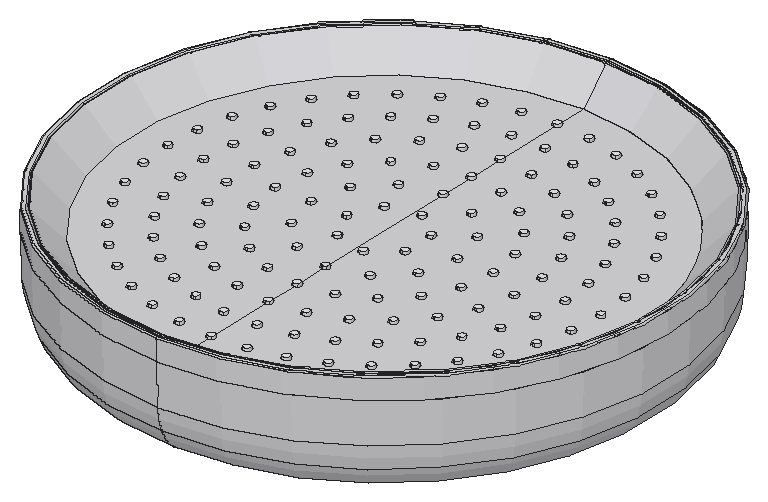
Revit family "Shower-Rainhead-KOHLER-K-26291IN", category Plumbing Fixtures, host Face, Revit 2017
Family settings
  Host = Face
  Round Connector Dimension = Use Diameter
  Part Type = Normal
  OmniClass Number = 23.31.17.00
  Cut with Voids When Loaded = No
  Shared = No
  Room Calculation Point = No
Parameters (values of type "CP-Polished Chrome")
  Width = 11 119/128"  # constant formula
  WaterSense Certified = 1 = 0  # no
  Waste Water Outlet = "Waste Water Outlet"  # constant formula
  Waste Connection = 1 = 0  # no
  Vent Connection = 1 = 0  # no
  URL = "https://www.kohler.co.in/"
  Type = 1
  Product Page URL = ""
  Product Name = ""
  Product Documentation Link = ""
  Pressure = 0.00 psi
  Model = if(Type = 1, "K-26291IN-CP", if(Type = 2, "K-26291IN-AF", if(Type = 3, "K-26291IN-BL", if(Type = 4, "K-26291IN-BN", if(Type = 5, "K-26291IN-BV", if(Type = 6, "K-26291IN-RGD", "NA"))))))  # "K-26291IN-CP"
  Material = "Brass Construction"  # constant formula
  Master Format 2014 Name = "Residential Showers"  # constant formula
  Master Format 2014 = "22 42 23"  # constant formula
  Manufacturer Address = "Ambience Office Tower NH-8 Gurgaon / Gurugram Haryana , 122001"  # constant formula
  Manufacturer = "KOHLER Co."  # constant formula
  Length = 11 119/128"  # constant formula
  Hot Water Inlet = "Tempered Water Inlet"  # constant formula
  Height = 3 31/32"  # constant formula
  HW Connection = 1 = 1  # yes
  Flow Rate = 2.5 GPM  # constant formula
  Finish = Kohler-Metal-CP-Polished_Chrome
  Environmental Product Declaration = ""
  Drain Included = 1 = 0  # no
  Description = "10 in Round Katalyst Rainhead 2.5 GPM"  # constant formula
  Default Elevation = 0"
  Declare Label = ""
  Date Modified = "02/01/2021"  # constant formula
  Date Created = "02/01/2021"  # constant formula
  Copyright = "Copyright KOHLER Co."  # constant formula
  Contact Us = "https://www.kohler.co.in/contact-us"
  Cold Water Inlet = "Cold Water Inlet"  # constant formula
  CW Connection = 1 = 0  # no
  Assembly Code = "D2010700"
  ADA Compliant = 1 = 0  # no
Reference planes (in)
  plane 1 "Center (Front/Back)": y = 0
  plane 2: z = 0
  plane 3 "Center (Left/Right)": x = 0
  plane 4: y = 5.965
  plane 5: y = -5.96469
  plane 6: x = -5.965
  plane 7: x = 5.96469
  plane 8: z = 3.96875
  plane 9: z = 1.19
Dimensions and locks (in)
  "Width": plane 4 to plane 5
  "Length": plane 6 to plane 7
  "Height": plane 8 to level
  aligned and locked: plane 2 to host face
  aligned and locked: level to host face
Automatic sketch dimensions
  host sketch curve to host sketch curve = 96"  (x2)
Nested families (in)
  nested 1: "K-26291IN" at (0, 0, 0), type "K-26291IN"
Connectors (in)
  piping at (0, 0, 0), diameter 0.5, driven by "HW Connection", driven by "Hot Water Inlet", driven by "Flow Rate"
    settings: on nested 1, index 1, connector inside diameter 24", connector length 0", flow factor 0, pipe flow 2.5 GPM, pressure drop 0.00 psi, fitting loss kfactor 0, connector angle 0.00°, fixture units 0, engagement length 0", angle of deflection 0.00°, flow configuration 1, flow direction 1, fitting loss method 0, system type 19, joint type 0, gender type 0, connector reference index -1, connector utility 1, adjustable connector no, is connector primary yes, connector description "Tempered Water Inlet"
Definition of nested family "K-26291IN"
  Parameters (values of type "K-26291IN")
    Material = none
  Reference planes (in)
    plane 1 "Center (Front/Back)": y = 0
    plane 2: z = 0
    plane 3 "Center (Left/Right)": x = 0
    plane 4: x = 5.965
    plane 5: x = -5.965
    plane 6: z = 3.97
    plane 7: z = 1.19
    plane 8: y = 5.965
    plane 9: y = -5.965
  Forms (in)
    Revolve 1, solid, material <- "Material", detail levels medium+fine
      sketch origin (0, 0, 0) x (0, 1, 0) y (0, 0, 1)
        loop
          line (5.9431, 3.97) -> (5.8678, 3.97)
          arc (5.8678, 3.97) -> (5.85263, 3.96375) -> (5.84626, 3.94862) r 0.02155
          line (5.84626, 3.94862) -> (5.84467, 3.74213)
          arc (5.84467, 3.74213) -> (5.8371, 3.7815) -> (5.83456, 3.82151) r 0.31694
          line (5.83456, 3.82151) -> (5.83456, 3.95421)
          arc (5.83456, 3.95421) -> (5.82592, 3.96709) -> (5.81073, 3.96396) r 0.01391
          line (5.81073, 3.96396) -> (5.21238, 3.35453) -> (0, 3.35453) -> (0, 0) -> (0.47469, 0)
          arc (0.47469, 0) -> (0.48914, 0.00599) -> (0.49513, 0.02045) r 0.02045
          line (0.49513, 0.02045) -> (0.49513, 0.75101)
          arc (0.49513, 0.75101) -> (0.45634, 0.879) -> (0.35301, 0.96391) r 0.23052
          arc (0.35301, 0.96391) -> (0.31081, 1.0177) -> (0.33479, 1.08171) r 0.06978
          arc (0.33479, 1.08171) -> (0.44098, 1.20145) -> (0.50852, 1.34654) r 0.55414
          line (0.50852, 1.34654) -> (1.59013, 1.34654)
          arc (1.59013, 1.34654) -> (3.10602, 1.37419) -> (4.61989, 1.4571) r 41.56538
          arc (4.61989, 1.4571) -> (4.98556, 1.51447) -> (5.33679, 1.63124) r 2.24137
          arc (5.33679, 1.63124) -> (5.64045, 1.84229) -> (5.83558, 2.1564) r 0.91369
          arc (5.83558, 2.1564) -> (5.9051, 2.39883) -> (5.93866, 2.64879) r 1.73194
          arc (5.93866, 2.64879) -> (5.95841, 3.08298) -> (5.965, 3.51757) r 14.34154
          line (5.965, 3.51757) -> (5.965, 3.9481)
          arc (5.965, 3.9481) -> (5.95859, 3.96359) -> (5.9431, 3.97) r 0.0219
        axis (0, 3.97) -> (0, 0)
      angle from 0 to 360
    Extrusion 2, solid, material <- "Material", detail levels medium+fine
      sketch origin (0, 0, 0) x (1, 0, 0) y (0, 1, 0)
        loop
          circle (0, 0) r 0.5
        loop
          line (-0.35408, -0.85482) -> (0.35408, -0.85482) -> (0.85482, -0.35408) -> (0.85482, 0.35408) -> (0.35408, 0.85482) -> (-0.35408, 0.85482) -> (-0.85482, 0.35408) -> (-0.85482, -0.35408) -> (-0.35408, -0.85482)
      from 1.19 to 1.34654
    Sweep 3, solid, material <- "Material", detail levels medium+fine
      path origin (0, 0, 0) x (1, 0, 0) y (0, 1, 0)
        loop
          arc (0.8528, -0.37751) -> (0.8655, -0.3585) -> (0.86996, -0.33608) r 0.05859
          line (0.86996, -0.33608) -> (0.86996, 0.33608)
          arc (0.86996, 0.33608) -> (0.8655, 0.3585) -> (0.8528, 0.37751) r 0.05859
          line (0.8528, 0.37751) -> (0.37779, 0.85252)
          arc (0.37779, 0.85252) -> (0.35847, 0.86543) -> (0.33568, 0.86996) r 0.05955
          line (0.33568, 0.86996) -> (-0.33608, 0.86996)
          arc (-0.33608, 0.86996) -> (-0.3585, 0.8655) -> (-0.37751, 0.8528) r 0.05859
          line (-0.37751, 0.8528) -> (-0.8528, 0.37751)
          arc (-0.8528, 0.37751) -> (-0.8655, 0.3585) -> (-0.86996, 0.33608) r 0.05859
          line (-0.86996, 0.33608) -> (-0.86996, -0.33608)
          arc (-0.86996, -0.33608) -> (-0.8655, -0.3585) -> (-0.8528, -0.37751) r 0.05859
          line (-0.8528, -0.37751) -> (-0.37751, -0.8528)
          arc (-0.37751, -0.8528) -> (-0.3585, -0.8655) -> (-0.33608, -0.86996) r 0.05859
          line (-0.33608, -0.86996) -> (0.33608, -0.86996)
          arc (0.33608, -0.86996) -> (0.3585, -0.8655) -> (0.37751, -0.8528) r 0.05859
          line (0.37751, -0.8528) -> (0.8528, -0.37751)
      profile origin (0.61515, -0.61515, 0) x (0.707107, -0.707107, 0) y (0, 0, 1)
        loop
          line (-0.03076, 1.34654) -> (-0.03076, 1.19) -> (0.00031, 1.19)
          arc (0.00031, 1.19) -> (0.02793, 1.20144) -> (0.03937, 1.22906) r 0.03906
          line (0.03937, 1.22906) -> (0.03937, 1.3076)
          arc (0.03937, 1.3076) -> (0.02797, 1.33513) -> (0.00043, 1.34654) r 0.03894
          line (0.00043, 1.34654) -> (-0.03076, 1.34654)
    Extrusion 4, void
      sketch origin (0, 0, 0) x (1, 0, 0) y (0, 1, 0)
        loop
          circle (-0.49043, -0.61422) r 0.08875
        loop
          circle (-0.786, 0.00048) r 0.08875
        loop
          circle (-0.48969, 0.61481) r 0.08875
        loop
          circle (0.17537, 0.76618) r 0.08875
        loop
          circle (0.70837, 0.3406) r 0.08875
        loop
          circle (0.70795, -0.34146) r 0.08875
        loop
          circle (0.17443, -0.7664) r 0.08875
        loop
          circle (-1.536, 0.00048) r 0.08875
        loop
          circle (0.00048, 1.536) r 0.08875
        loop
          circle (-1.32997, 0.76841) r 0.08875
        loop
          circle (-0.76758, 1.33045) r 0.08875
        loop
          circle (-2.286, 0.00048) r 0.08875
        loop
          circle (-2.17396, 0.70687) r 0.08875
        loop
          circle (-1.84914, 1.34405) r 0.08875
        loop
          circle (-1.34329, 1.84969) r 0.08875
        loop
          circle (-0.70596, 2.17426) r 0.08875
        loop
          circle (0.00046, 2.286) r 0.08875
        loop
          circle (1.536, 0.00048) r 0.08875
        loop
          circle (1.32997, 0.76841) r 0.08875
        loop
          circle (0.76758, 1.33045) r 0.08875
        loop
          circle (2.286, 0.00048) r 0.08875
        loop
          circle (2.17396, 0.70687) r 0.08875
        loop
          circle (1.84914, 1.34405) r 0.08875
        loop
          circle (1.34329, 1.84969) r 0.08875
        loop
          circle (0.70596, 2.17426) r 0.08875
        loop
          circle (0.00048, -1.536) r 0.08875
        loop
          circle (-1.32997, -0.76841) r 0.08875
        loop
          circle (-0.76758, -1.33045) r 0.08875
        loop
          circle (-2.17396, -0.70687) r 0.08875
        loop
          circle (-1.84914, -1.34405) r 0.08875
        loop
          circle (-1.34329, -1.84969) r 0.08875
        loop
          circle (-0.70596, -2.17426) r 0.08875
        loop
          circle (0.00046, -2.286) r 0.08875
        loop
          circle (1.32997, -0.76841) r 0.08875
        loop
          circle (0.76758, -1.33045) r 0.08875
        loop
          circle (2.17396, -0.70687) r 0.08875
        loop
          circle (1.84914, -1.34405) r 0.08875
        loop
          circle (1.34329, -1.84969) r 0.08875
        loop
          circle (0.70596, -2.17426) r 0.08875
        loop
          circle (0.00044, 3.036) r 0.08875
        loop
          circle (-0.72613, 2.94788) r 0.08875
        loop
          circle (-1.41051, 2.68844) r 0.08875
        loop
          circle (-2.01258, 2.27306) r 0.08875
        loop
          circle (-2.49808, 1.72537) r 0.08875
        loop
          circle (-2.83824, 1.07781) r 0.08875
        loop
          circle (-3.0137, 0.36726) r 0.08875
        loop
          circle (-0.72613, -2.94788) r 0.08875
        loop
          circle (-1.41051, -2.68844) r 0.08875
        loop
          circle (-2.01258, -2.27306) r 0.08875
        loop
          circle (-2.49808, -1.72537) r 0.08875
        loop
          circle (-2.83824, -1.07781) r 0.08875
        loop
          circle (-3.0137, -0.36726) r 0.08875
        loop
          circle (0.00044, -3.036) r 0.08875
        loop
          circle (0.72613, 2.94788) r 0.08875
        loop
          circle (1.41051, 2.68844) r 0.08875
        loop
          circle (2.01258, 2.27306) r 0.08875
        loop
          circle (2.49808, 1.72537) r 0.08875
        loop
          circle (2.83824, 1.07781) r 0.08875
        loop
          circle (3.0137, 0.36726) r 0.08875
        loop
          circle (0.72613, -2.94788) r 0.08875
        loop
          circle (1.41051, -2.68844) r 0.08875
        loop
          circle (2.01258, -2.27306) r 0.08875
        loop
          circle (2.49808, -1.72537) r 0.08875
        loop
          circle (2.83824, -1.07781) r 0.08875
        loop
          circle (3.0137, -0.36726) r 0.08875
        loop
          circle (-3.786, 0.00048) r 0.08875
        loop
          circle (-4.536, 0.00048) r 0.08875
        loop
          circle (-3.72144, 0.69615) r 0.08875
        loop
          circle (-3.53016, 1.36811) r 0.08875
        loop
          circle (-3.21867, 1.99348) r 0.08875
        loop
          circle (-2.79724, 2.55132) r 0.08875
        loop
          circle (-2.28081, 3.02187) r 0.08875
        loop
          circle (-1.68671, 3.38951) r 0.08875
        loop
          circle (-1.03517, 3.64173) r 0.08875
        loop
          circle (-0.34838, 3.76993) r 0.08875
        loop
          circle (-3.72144, -0.69615) r 0.08875
        loop
          circle (-3.53016, -1.36811) r 0.08875
        loop
          circle (-3.21867, -1.99348) r 0.08875
        loop
          circle (-2.79724, -2.55132) r 0.08875
        loop
          circle (-2.28081, -3.02187) r 0.08875
        loop
          circle (-1.68671, -3.38951) r 0.08875
        loop
          circle (-1.03517, -3.64173) r 0.08875
        loop
          circle (-0.34838, -3.76993) r 0.08875
        loop
          circle (3.786, 0.00048) r 0.08875
        loop
          circle (3.72144, 0.69615) r 0.08875
        loop
          circle (3.53016, 1.36811) r 0.08875
        loop
          circle (3.21867, 1.99348) r 0.08875
        loop
          circle (2.79724, 2.55132) r 0.08875
        loop
          circle (2.28081, 3.02187) r 0.08875
        loop
          circle (1.68671, 3.38951) r 0.08875
        loop
          circle (1.03517, 3.64173) r 0.08875
        loop
          circle (0.34838, 3.76993) r 0.08875
        loop
          circle (3.72144, -0.69615) r 0.08875
        loop
          circle (3.53016, -1.36811) r 0.08875
        loop
          circle (3.21867, -1.99348) r 0.08875
        loop
          circle (2.79724, -2.55132) r 0.08875
        loop
          circle (2.28081, -3.02187) r 0.08875
        loop
          circle (1.68671, -3.38951) r 0.08875
        loop
          circle (1.03517, -3.64173) r 0.08875
        loop
          circle (0.34838, -3.76993) r 0.08875
        loop
          circle (-4.48008, 0.71006) r 0.08875
        loop
          circle (-4.31384, 1.40215) r 0.08875
        loop
          circle (-4.04138, 2.05973) r 0.08875
        loop
          circle (-3.66942, 2.66658) r 0.08875
        loop
          circle (-3.2071, 3.20777) r 0.08875
        loop
          circle (-2.6658, 3.66998) r 0.08875
        loop
          circle (-2.05887, 4.04182) r 0.08875
        loop
          circle (-1.40124, 4.31414) r 0.08875
        loop
          circle (-0.70911, 4.48022) r 0.08875
        loop
          circle (0.00048, 4.536) r 0.08875
        loop
          circle (4.536, 0.00048) r 0.08875
        loop
          circle (4.48008, 0.71006) r 0.08875
        loop
          circle (4.31384, 1.40215) r 0.08875
        loop
          circle (4.04138, 2.05973) r 0.08875
        loop
          circle (3.66942, 2.66658) r 0.08875
        loop
          circle (3.2071, 3.20777) r 0.08875
        loop
          circle (2.6658, 3.66998) r 0.08875
        loop
          circle (2.05887, 4.04182) r 0.08875
        loop
          circle (1.40124, 4.31414) r 0.08875
        loop
          circle (0.70911, 4.48022) r 0.08875
        loop
          circle (-4.48008, -0.71006) r 0.08875
        loop
          circle (-4.31384, -1.40215) r 0.08875
        loop
          circle (-4.04138, -2.05973) r 0.08875
        loop
          circle (-3.66942, -2.66658) r 0.08875
        loop
          circle (-3.2071, -3.20777) r 0.08875
        loop
          circle (-2.6658, -3.66998) r 0.08875
        loop
          circle (-2.05887, -4.04182) r 0.08875
        loop
          circle (-1.40124, -4.31414) r 0.08875
        loop
          circle (-0.70911, -4.48022) r 0.08875
        loop
          circle (0.00048, -4.536) r 0.08875
        loop
          circle (4.48008, -0.71006) r 0.08875
        loop
          circle (4.31384, -1.40215) r 0.08875
        loop
          circle (4.04138, -2.05973) r 0.08875
        loop
          circle (3.66942, -2.66658) r 0.08875
        loop
          circle (3.2071, -3.20777) r 0.08875
        loop
          circle (2.6658, -3.66998) r 0.08875
        loop
          circle (2.05887, -4.04182) r 0.08875
        loop
          circle (1.40124, -4.31414) r 0.08875
        loop
          circle (0.70911, -4.48022) r 0.08875
      from 3.13976 to 3.5
    Extrusion 5, void
      sketch origin (0, 0, 0) x (1, 0, 0) y (0, 0, 1)
        loop
          line (-0.45475, 0.18235) -> (-0.45475, 0.92904) -> (-0.52139, 0.92904) -> (-0.52139, 0.09882) -> (-0.4667, 0.1535)
          arc (-0.4667, 0.1535) -> (-0.45786, 0.16674) -> (-0.45475, 0.18235) r 0.0408
        loop
          arc (0.45475, 0.18235) -> (0.45786, 0.16674) -> (0.4667, 0.1535) r 0.0408
          line (0.4667, 0.1535) -> (0.52139, 0.09882) -> (0.52139, 0.92904) -> (0.45475, 0.92904) -> (0.45475, 0.18235)
      from -1 to 1
    Revolve 6, solid, material <- "Material", detail levels coarse
      sketch origin (0, 0, 0) x (0, 1, 0) y (0, 0, 1)
        loop
          line (0, 3.35453) -> (0, 0) -> (0.49513, 0) -> (0.49513, 1.19) -> (0.90933, 1.19) -> (0.90933, 1.34654) -> (5.19293, 1.34654) -> (5.965, 2.11861) -> (5.965, 3.97) -> (5.81666, 3.97) -> (5.21238, 3.35453) -> (0, 3.35453)
        axis (0, 3.97) -> (0, 0)
      angle from 0 to 360
    Extrusion 7, solid, detail levels medium+fine
      sketch origin (0, 0, 0) x (1, 0, 0) y (0, 1, 0)
        loop
          circle (-0.49043, -0.61422) r 0.07313
        loop
          circle (-0.786, 0.00048) r 0.07313
        loop
          circle (-0.48969, 0.61481) r 0.07313
        loop
          circle (0.17537, 0.76618) r 0.07313
        loop
          circle (0.70837, 0.3406) r 0.07313
        loop
          circle (0.70795, -0.34146) r 0.07313
        loop
          circle (0.17443, -0.7664) r 0.07313
        loop
          circle (-1.536, 0.00048) r 0.07313
        loop
          circle (0.00048, 1.536) r 0.07313
        loop
          circle (-1.32997, 0.76841) r 0.07313
        loop
          circle (-0.76758, 1.33045) r 0.07313
        loop
          circle (-2.286, 0.00048) r 0.07313
        loop
          circle (-2.17396, 0.70687) r 0.07313
        loop
          circle (-1.84914, 1.34405) r 0.07313
        loop
          circle (-1.34329, 1.84969) r 0.07313
        loop
          circle (-0.70596, 2.17426) r 0.07313
        loop
          circle (0.00046, 2.286) r 0.07313
        loop
          circle (0.00048, -1.536) r 0.07313
        loop
          circle (-1.32997, -0.76841) r 0.07313
        loop
          circle (-0.76758, -1.33045) r 0.07313
        loop
          circle (-2.17396, -0.70687) r 0.07313
        loop
          circle (-1.84914, -1.34405) r 0.07313
        loop
          circle (-1.34329, -1.84969) r 0.07313
        loop
          circle (-0.70596, -2.17426) r 0.07313
        loop
          circle (0.00046, -2.286) r 0.07313
        loop
          circle (0.00044, 3.036) r 0.07313
        loop
          circle (-0.72613, 2.94788) r 0.07313
        loop
          circle (-1.41051, 2.68844) r 0.07313
        loop
          circle (-2.01258, 2.27306) r 0.07313
        loop
          circle (-2.49808, 1.72537) r 0.07313
        loop
          circle (-2.83824, 1.07781) r 0.07313
        loop
          circle (-3.0137, 0.36726) r 0.07313
        loop
          circle (-0.72613, -2.94788) r 0.07313
        loop
          circle (-1.41051, -2.68844) r 0.07313
        loop
          circle (-2.01258, -2.27306) r 0.07313
        loop
          circle (-2.49808, -1.72537) r 0.07313
        loop
          circle (-2.83824, -1.07781) r 0.07313
        loop
          circle (-3.0137, -0.36726) r 0.07313
        loop
          circle (0.00044, -3.036) r 0.07313
        loop
          circle (-3.786, 0.00048) r 0.07313
        loop
          circle (-4.536, 0.00048) r 0.07313
        loop
          circle (-3.72144, 0.69615) r 0.07313
        loop
          circle (-3.53016, 1.36811) r 0.07313
        loop
          circle (-3.21867, 1.99348) r 0.07313
        loop
          circle (-2.79724, 2.55132) r 0.07313
        loop
          circle (-2.28081, 3.02187) r 0.07313
        loop
          circle (-1.68671, 3.38951) r 0.07313
        loop
          circle (-1.03517, 3.64173) r 0.07313
        loop
          circle (-0.34838, 3.76993) r 0.07313
        loop
          circle (-3.72144, -0.69615) r 0.07313
        loop
          circle (-3.53016, -1.36811) r 0.07313
        loop
          circle (-3.21867, -1.99348) r 0.07313
        loop
          circle (-2.79724, -2.55132) r 0.07313
        loop
          circle (-2.28081, -3.02187) r 0.07313
        loop
          circle (-1.68671, -3.38951) r 0.07313
        loop
          circle (-1.03517, -3.64173) r 0.07313
        loop
          circle (-0.34838, -3.76993) r 0.07313
        loop
          circle (-4.48008, 0.71006) r 0.07313
        loop
          circle (-4.31384, 1.40215) r 0.07313
        loop
          circle (-4.04138, 2.05973) r 0.07313
        loop
          circle (-3.66942, 2.66658) r 0.07313
        loop
          circle (-3.2071, 3.20777) r 0.07313
        loop
          circle (-2.6658, 3.66998) r 0.07313
        loop
          circle (-2.05887, 4.04182) r 0.07313
        loop
          circle (-1.40124, 4.31414) r 0.07313
        loop
          circle (-0.70911, 4.48022) r 0.07313
        loop
          circle (0.00048, 4.536) r 0.07313
        loop
          circle (-4.48008, -0.71006) r 0.07313
        loop
          circle (-4.31384, -1.40215) r 0.07313
        loop
          circle (-4.04138, -2.05973) r 0.07313
        loop
          circle (-3.66942, -2.66658) r 0.07313
        loop
          circle (-3.2071, -3.20777) r 0.07313
        loop
          circle (-2.6658, -3.66998) r 0.07313
        loop
          circle (-2.05887, -4.04182) r 0.07313
        loop
          circle (-1.40124, -4.31414) r 0.07313
        loop
          circle (-0.70911, -4.48022) r 0.07313
        loop
          circle (0.00048, -4.536) r 0.07313
        loop
          circle (1.536, 0.00048) r 0.07313
        loop
          circle (1.32997, 0.76841) r 0.07313
        loop
          circle (0.76758, 1.33045) r 0.07313
        loop
          circle (2.286, 0.00048) r 0.07313
        loop
          circle (2.17396, 0.70687) r 0.07313
        loop
          circle (1.84914, 1.34405) r 0.07313
        loop
          circle (1.34329, 1.84969) r 0.07313
        loop
          circle (0.70596, 2.17426) r 0.07313
        loop
          circle (1.32997, -0.76841) r 0.07313
        loop
          circle (0.76758, -1.33045) r 0.07313
        loop
          circle (2.17396, -0.70687) r 0.07313
        loop
          circle (1.84914, -1.34405) r 0.07313
        loop
          circle (1.34329, -1.84969) r 0.07313
        loop
          circle (0.70596, -2.17426) r 0.07313
        loop
          circle (0.72613, 2.94788) r 0.07313
        loop
          circle (1.41051, 2.68844) r 0.07313
        loop
          circle (2.01258, 2.27306) r 0.07313
        loop
          circle (2.49808, 1.72537) r 0.07313
        loop
          circle (2.83824, 1.07781) r 0.07313
        loop
          circle (3.0137, 0.36726) r 0.07313
        loop
          circle (0.72613, -2.94788) r 0.07313
        loop
          circle (1.41051, -2.68844) r 0.07313
        loop
          circle (2.01258, -2.27306) r 0.07313
        loop
          circle (2.49808, -1.72537) r 0.07313
        loop
          circle (2.83824, -1.07781) r 0.07313
        loop
          circle (3.0137, -0.36726) r 0.07313
        loop
          circle (3.786, 0.00048) r 0.07313
        loop
          circle (4.536, 0.00048) r 0.07313
        loop
          circle (3.72144, 0.69615) r 0.07313
        loop
          circle (3.53016, 1.36811) r 0.07313
        loop
          circle (3.21867, 1.99348) r 0.07313
        loop
          circle (2.79724, 2.55132) r 0.07313
        loop
          circle (2.28081, 3.02187) r 0.07313
        loop
          circle (1.68671, 3.38951) r 0.07313
        loop
          circle (1.03517, 3.64173) r 0.07313
        loop
          circle (0.34838, 3.76993) r 0.07313
        loop
          circle (3.72144, -0.69615) r 0.07313
        loop
          circle (3.53016, -1.36811) r 0.07313
        loop
          circle (3.21867, -1.99348) r 0.07313
        loop
          circle (2.79724, -2.55132) r 0.07313
        loop
          circle (2.28081, -3.02187) r 0.07313
        loop
          circle (1.68671, -3.38951) r 0.07313
        loop
          circle (1.03517, -3.64173) r 0.07313
        loop
          circle (0.34838, -3.76993) r 0.07313
        loop
          circle (4.48008, 0.71006) r 0.07313
        loop
          circle (4.31384, 1.40215) r 0.07313
        loop
          circle (4.04138, 2.05973) r 0.07313
        loop
          circle (3.66942, 2.66658) r 0.07313
        loop
          circle (3.2071, 3.20777) r 0.07313
        loop
          circle (2.6658, 3.66998) r 0.07313
        loop
          circle (2.05887, 4.04182) r 0.07313
        loop
          circle (1.40124, 4.31414) r 0.07313
        loop
          circle (0.70911, 4.48022) r 0.07313
        loop
          circle (4.48008, -0.71006) r 0.07313
        loop
          circle (4.31384, -1.40215) r 0.07313
        loop
          circle (4.04138, -2.05973) r 0.07313
        loop
          circle (3.66942, -2.66658) r 0.07313
        loop
          circle (3.2071, -3.20777) r 0.07313
        loop
          circle (2.6658, -3.66998) r 0.07313
        loop
          circle (2.05887, -4.04182) r 0.07313
        loop
          circle (1.40124, -4.31414) r 0.07313
        loop
          circle (0.70911, -4.48022) r 0.07313
      from 3.14063 to 3.39844
  Cuts and joins
    Extrusion 4, Extrusion 5 cuts Revolve 1
    joined: Extrusion 2, Sweep 3
  Lines and regions (in)
    Masking region 1
      outline origin (0, 0, 0) x (0, 1, 0) y (0, 0, 1)
        loop
          line (5.9431, 3.97) -> (-5.9431, 3.97)
          arc (-5.9431, 3.97) -> (-5.95859, 3.96359) -> (-5.965, 3.9481) r 0.0219
          line (-5.965, 3.9481) -> (-5.965, 3.51757)
          arc (-5.965, 3.51757) -> (-5.95841, 3.08298) -> (-5.93866, 2.64879) r 14.34154
          arc (-5.93866, 2.64879) -> (-5.9051, 2.39883) -> (-5.83558, 2.1564) r 1.73194
          arc (-5.83558, 2.1564) -> (-5.64045, 1.84229) -> (-5.33679, 1.63124) r 0.91369
          arc (-5.33679, 1.63124) -> (-4.98556, 1.51447) -> (-4.61989, 1.4571) r 2.24137
          arc (-4.61989, 1.4571) -> (-3.10602, 1.37419) -> (-1.59013, 1.34654) r 41.56538
          line (-1.59013, 1.34654) -> (-0.86977, 1.34654)
          arc (-0.86977, 1.34654) -> (-0.89774, 1.33495) -> (-0.90933, 1.30697) r 0.03956
          line (-0.90933, 1.30697) -> (-0.90933, 1.22728)
          arc (-0.90933, 1.22728) -> (-0.89841, 1.20092) -> (-0.87205, 1.19) r 0.03728
          line (-0.87205, 1.19) -> (-0.43326, 1.19)
          arc (-0.43326, 1.19) -> (-0.38762, 1.13259) -> (-0.33479, 1.08171) r 0.55414
          arc (-0.33479, 1.08171) -> (-0.31081, 1.0177) -> (-0.35301, 0.96391) r 0.06978
          arc (-0.35301, 0.96391) -> (-0.45634, 0.879) -> (-0.49513, 0.75101) r 0.23052
          line (-0.49513, 0.75101) -> (-0.49513, 0.02045)
          arc (-0.49513, 0.02045) -> (-0.48914, 0.00599) -> (-0.47469, 0) r 0.02045
          line (-0.47469, 0) -> (0.47469, 0)
          arc (0.47469, 0) -> (0.48914, 0.00599) -> (0.49513, 0.02045) r 0.02045
          line (0.49513, 0.02045) -> (0.49513, 0.75101)
          arc (0.49513, 0.75101) -> (0.45634, 0.879) -> (0.35301, 0.96391) r 0.23052
          arc (0.35301, 0.96391) -> (0.31081, 1.0177) -> (0.33479, 1.08171) r 0.06978
          arc (0.33479, 1.08171) -> (0.38762, 1.13259) -> (0.43326, 1.19) r 0.55414
          line (0.43326, 1.19) -> (0.87205, 1.19)
          arc (0.87205, 1.19) -> (0.89841, 1.20092) -> (0.90933, 1.22728) r 0.03728
          line (0.90933, 1.22728) -> (0.90933, 1.30697)
          arc (0.90933, 1.30697) -> (0.89774, 1.33495) -> (0.86977, 1.34654) r 0.03956
          line (0.86977, 1.34654) -> (1.59013, 1.34654)
          arc (1.59013, 1.34654) -> (3.10602, 1.37419) -> (4.61989, 1.4571) r 41.56538
          arc (4.61989, 1.4571) -> (4.98556, 1.51447) -> (5.33679, 1.63124) r 2.24137
          arc (5.33679, 1.63124) -> (5.64045, 1.84229) -> (5.83558, 2.1564) r 0.91369
          arc (5.83558, 2.1564) -> (5.9051, 2.39883) -> (5.93866, 2.64879) r 1.73194
          arc (5.93866, 2.64879) -> (5.95841, 3.08298) -> (5.965, 3.51757) r 14.34154
          line (5.965, 3.51757) -> (5.965, 3.9481)
          arc (5.965, 3.9481) -> (5.95859, 3.96359) -> (5.9431, 3.97) r 0.0219
    Masking region 2
      outline origin (0, 0, 0) x (1, 0, 0) y (0, 0, 1)
        loop
          arc (-5.9431, 3.97) -> (-5.95859, 3.96359) -> (-5.965, 3.9481) r 0.0219
          line (-5.965, 3.9481) -> (-5.965, 3.51757)
          arc (-5.965, 3.51757) -> (-5.95841, 3.08298) -> (-5.93866, 2.64879) r 14.34154
          arc (-5.93866, 2.64879) -> (-5.9051, 2.39883) -> (-5.83558, 2.1564) r 1.73194
          arc (-5.83558, 2.1564) -> (-5.64045, 1.84229) -> (-5.33679, 1.63124) r 0.91369
          arc (-5.33679, 1.63124) -> (-4.98556, 1.51447) -> (-4.61989, 1.4571) r 2.24137
          arc (-4.61989, 1.4571) -> (-3.10602, 1.37419) -> (-1.59013, 1.34654) r 41.56538
          line (-1.59013, 1.34654) -> (-0.86977, 1.34654)
          arc (-0.86977, 1.34654) -> (-0.89774, 1.33495) -> (-0.90933, 1.30697) r 0.03956
          line (-0.90933, 1.30697) -> (-0.90933, 1.22728)
          arc (-0.90933, 1.22728) -> (-0.89841, 1.20092) -> (-0.87205, 1.19) r 0.03728
          line (-0.87205, 1.19) -> (-0.43326, 1.19)
          arc (-0.43326, 1.19) -> (-0.38762, 1.13259) -> (-0.33479, 1.08171) r 0.55414
          arc (-0.33479, 1.08171) -> (-0.31081, 1.0177) -> (-0.35301, 0.96391) r 0.06978
          arc (-0.35301, 0.96391) -> (-0.40987, 0.93001) -> (-0.45475, 0.88135) r 0.23052
          line (-0.45475, 0.88135) -> (-0.45475, 0.18235)
          arc (-0.45475, 0.18235) -> (-0.45786, 0.16674) -> (-0.4667, 0.1535) r 0.0408
          line (-0.4667, 0.1535) -> (-0.49513, 0.12507) -> (-0.49513, 0.02045)
          arc (-0.49513, 0.02045) -> (-0.48914, 0.00599) -> (-0.47469, 0) r 0.02045
          line (-0.47469, 0) -> (0.47469, 0)
          arc (0.47469, 0) -> (0.48914, 0.00599) -> (0.49513, 0.02045) r 0.02045
          line (0.49513, 0.02045) -> (0.49513, 0.12507) -> (0.4667, 0.1535)
          arc (0.4667, 0.1535) -> (0.45786, 0.16674) -> (0.45475, 0.18235) r 0.0408
          line (0.45475, 0.18235) -> (0.45475, 0.88135)
          arc (0.45475, 0.88135) -> (0.40987, 0.93001) -> (0.35301, 0.96391) r 0.23052
          arc (0.35301, 0.96391) -> (0.31081, 1.0177) -> (0.33479, 1.08171) r 0.06978
          arc (0.33479, 1.08171) -> (0.38762, 1.13259) -> (0.43326, 1.19) r 0.55414
          line (0.43326, 1.19) -> (0.87205, 1.19)
          arc (0.87205, 1.19) -> (0.89841, 1.20092) -> (0.90933, 1.22728) r 0.03728
          line (0.90933, 1.22728) -> (0.90933, 1.30697)
          arc (0.90933, 1.30697) -> (0.89774, 1.33495) -> (0.86977, 1.34654) r 0.03956
          line (0.86977, 1.34654) -> (1.59013, 1.34654)
          arc (1.59013, 1.34654) -> (3.10602, 1.37419) -> (4.61989, 1.4571) r 41.56538
          arc (4.61989, 1.4571) -> (4.98556, 1.51447) -> (5.33679, 1.63124) r 2.24137
          arc (5.33679, 1.63124) -> (5.64045, 1.84229) -> (5.83558, 2.1564) r 0.91369
          arc (5.83558, 2.1564) -> (5.9051, 2.39883) -> (5.93866, 2.64879) r 1.73194
          arc (5.93866, 2.64879) -> (5.95841, 3.08298) -> (5.965, 3.51757) r 14.34154
          line (5.965, 3.51757) -> (5.965, 3.9481)
          arc (5.965, 3.9481) -> (5.95859, 3.96359) -> (5.9431, 3.97) r 0.0219
          line (5.9431, 3.97) -> (-5.9431, 3.97)
    Masking region 3
      outline origin (0, 0, 0) x (1, 0, 0) y (0, 1, 0)
        loop
          circle (0, 0) r 5.965
    symbolic lines, detail levels medium+fine
      curve 1: line (-0.86977, 0, 1.34654) -> (0.86977, 0, 1.34654)
      curve 2: line (-0.43326, 0, 1.19) -> (0.43326, 0, 1.19)
      curve 3: line (-0.49513, 0, 0.02045) -> (0.49513, 0, 0.02045)
      curve 4: line (-0.45475, 0, 0.75101) -> (0.45475, 0, 0.75101)
      curve 5: line (0.35413, 0, 0.96346) -> (-0.35413, 0, 0.96346)
      curve 6: line (0.33546, 0, 1.08228) -> (-0.33546, 0, 1.08228)
      curve 7: line (-0.8805, 0, 1.22843) -> (-0.8805, 0, 1.30717)
      curve 8: line (-0.40548, 0, 1.22843) -> (-0.40548, 0, 1.30717)
      curve 9: line (-0.33589, 0, 1.34654) -> (-0.33589, 0, 1.19)
      curve 10: arc (-0.8805, 0, 1.30717) -> (-0.87952, 0, 1.31769) -> (-0.87661, 0, 1.32786) r 0.05701
      curve 11: arc (-0.87661, 0, 1.32786) -> (-0.86721, 0, 1.34049) -> (-0.85266, 0, 1.34654) r 0.02968
      curve 12: arc (-0.8805, 0, 1.22843) -> (-0.87952, 0, 1.2179) -> (-0.87661, 0, 1.20773) r 0.05701
      curve 13: arc (-0.87661, 0, 1.20773) -> (-0.86899, 0, 1.1966) -> (-0.85723, 0, 1.19) r 0.02968
      curve 14: arc (-0.40548, 0, 1.30717) -> (-0.4045, 0, 1.31769) -> (-0.4016, 0, 1.32786) r 0.05701
      curve 15: arc (-0.4016, 0, 1.32786) -> (-0.39219, 0, 1.34049) -> (-0.37765, 0, 1.34654) r 0.02968
      curve 16: arc (-0.40548, 0, 1.22843) -> (-0.4045, 0, 1.2179) -> (-0.4016, 0, 1.20773) r 0.05701
      curve 17: arc (-0.4016, 0, 1.20773) -> (-0.39397, 0, 1.1966) -> (-0.38222, 0, 1.19) r 0.02968
      curve 18: line (0.8805, 0, 1.22709) -> (0.8805, 0, 1.30717)
      curve 19: line (0.40548, 0, 1.22843) -> (0.40548, 0, 1.30717)
      curve 20: line (0.33589, 0, 1.34654) -> (0.33589, 0, 1.19)
      curve 21: arc (0.87661, 0, 1.32786) -> (0.86721, 0, 1.34049) -> (0.85266, 0, 1.34654) r 0.02968
      curve 22: arc (0.4016, 0, 1.32786) -> (0.39219, 0, 1.34049) -> (0.37765, 0, 1.34654) r 0.02968
      curve 23: arc (0.4016, 0, 1.20773) -> (0.39397, 0, 1.1966) -> (0.38222, 0, 1.19) r 0.02968
      curve 24: arc (0.40548, 0, 1.30717) -> (0.4045, 0, 1.31769) -> (0.4016, 0, 1.32786) r 0.05701
      curve 25: arc (0.4016, 0, 1.20773) -> (0.4045, 0, 1.2179) -> (0.40548, 0, 1.22843) r 0.05701
      curve 26: arc (0.8805, 0, 1.30717) -> (0.87952, 0, 1.31769) -> (0.87661, 0, 1.32786) r 0.05701
      curve 27: arc (0.87661, 0, 1.2064) -> (0.87039, 0, 1.19664) -> (0.8609, 0, 1.19) r 0.02968
      curve 28: arc (0.8805, 0, 1.22709) -> (0.87952, 0, 1.21656) -> (0.87661, 0, 1.2064) r 0.05701
      curve 29: line (-0.90933, 0, 1.30697) -> (0.90933, 0, 1.30697)
      curve 30: line (-0.90933, 0, 1.22728) -> (0.90933, 0, 1.22728)
      curve 31: line (0, 0.86977, 1.34654) -> (0, -0.86977, 1.34654)
      curve 32: line (0, -0.90933, 1.30697) -> (0, 0.90933, 1.30697)
      curve 33: line (0, 0.90933, 1.22728) -> (0, -0.90933, 1.22728)
      curve 34: line (0, 0.43326, 1.19) -> (0, -0.43326, 1.19)
      curve 35: line (0, 0.35301, 0.96391) -> (0, -0.35301, 0.96391)
      curve 36: line (0, 0.49513, 0.75101) -> (0, 0.19585, 0.75101)
      curve 37: line (0, 0.49513, 0.02045) -> (0, -0.49513, 0.02045)
      curve 38: line (0, 0.8805, 1.22843) -> (0, 0.8805, 1.30717)
      curve 39: line (0, 0.40548, 1.22843) -> (0, 0.40548, 1.30717)
      curve 40: line (0, 0.33589, 1.19) -> (0, 0.33589, 1.34654)
      curve 41: arc (0, 0.8805, 1.30717) -> (0, 0.8787, 1.32099) -> (0, 0.87341, 1.3339) r 0.05392
      curve 42: arc (0, 0.87341, 1.3339) -> (0, 0.86501, 1.34269) -> (0, 0.85348, 1.34654) r 0.02521
      curve 43: arc (0, 0.87557, 1.2067) -> (0, 0.87925, 1.21728) -> (0, 0.8805, 1.22843) r 0.05029
      curve 44: arc (0, 0.86053, 1.19) -> (0, 0.86925, 1.19726) -> (0, 0.87557, 1.2067) r 0.03978
      curve 45: arc (0, 0.40548, 1.30717) -> (0, 0.40394, 1.3199) -> (0, 0.39938, 1.33189) r 0.05317
      curve 46: arc (0, 0.39938, 1.33189) -> (0, 0.39036, 1.34196) -> (0, 0.37765, 1.34654) r 0.02762
      curve 47: arc (0, 0.39977, 1.20441) -> (0, 0.40404, 1.21608) -> (0, 0.40548, 1.22843) r 0.0533
      curve 48: arc (0, 0.38398, 1.19) -> (0, 0.3932, 1.19575) -> (0, 0.39977, 1.20441) r 0.03005
      curve 49: line (0, -0.33589, 1.19) -> (0, -0.33589, 1.34654)
      curve 50: line (0, -0.40548, 1.22843) -> (0, -0.40548, 1.30717)
      curve 51: line (0, -0.8805, 1.22843) -> (0, -0.8805, 1.30717)
      curve 52: arc (0, -0.40548, 1.30717) -> (0, -0.40379, 1.32059) -> (0, -0.39881, 1.33318) r 0.05404
      curve 53: arc (0, -0.39881, 1.33318) -> (0, -0.3903, 1.34239) -> (0, -0.37847, 1.34654) r 0.02598
      curve 54: arc (0, -0.39848, 1.20306) -> (0, -0.4037, 1.21527) -> (0, -0.40548, 1.22843) r 0.04945
      curve 55: arc (0, -0.38197, 1.19) -> (0, -0.39143, 1.19501) -> (0, -0.39848, 1.20306) r 0.02964
      curve 56: arc (0, -0.8805, 1.30717) -> (0, -0.87904, 1.31976) -> (0, -0.87472, 1.33168) r 0.05483
      curve 57: arc (0, -0.87472, 1.33168) -> (0, -0.86564, 1.34201) -> (0, -0.85266, 1.34654) r 0.02702
      curve 58: arc (0, -0.87421, 1.20402) -> (0, -0.8789, 1.21582) -> (0, -0.8805, 1.22843) r 0.05045
      curve 59: arc (0, -0.85926, 1.19) -> (0, -0.86784, 1.19583) -> (0, -0.87421, 1.20402) r 0.03332
      curve 60: line (0, 0.19585, 0.18177) -> (0, 0.19585, 0.75101)
      curve 61: line (0, -0.19585, 0.75101) -> (0, -0.19585, 0.1818)
      curve 62: spline (0, 0.16686, 0.15407) -> (0, 0.17022, 0.15487) -> (0, 0.1735, 0.156) -> (0, 0.17665, 0.15745) -> (0, 0.17966, 0.15919) -> (0, 0.18251, 0.16123) -> (0, 0.18515, 0.16353) -> (0, 0.18758, 0.16608) -> (0, 0.18978, 0.16886) -> (0, 0.19172, 0.17185) -> (0, 0.19338, 0.17501) -> (0, 0.19477, 0.17833) -> (0, 0.19585, 0.18177)
      curve 63: spline (0, -0.16688, 0.15407) -> (0, -0.14073, 0.14536) -> (0, -0.11369, 0.13816) -> (0, -0.08591, 0.1325) -> (0, -0.05758, 0.12844) -> (0, -0.02889, 0.12599) -> (0, -0.00001, 0.12517) -> (0, 0.02887, 0.12599) -> (0, 0.05756, 0.12844) -> (0, 0.08589, 0.1325) -> (0, 0.11367, 0.13815) -> (0, 0.14071, 0.14536) -> (0, 0.16686, 0.15407)
      curve 64: spline (0, -0.19585, 0.1818) -> (0, -0.19473, 0.17835) -> (0, -0.19332, 0.17503) -> (0, -0.19163, 0.17186) -> (0, -0.18968, 0.16887) -> (0, -0.18747, 0.16609) -> (0, -0.18504, 0.16354) -> (0, -0.1824, 0.16123) -> (0, -0.17957, 0.1592) -> (0, -0.17657, 0.15745) -> (0, -0.17344, 0.15601) -> (0, -0.1702, 0.15488) -> (0, -0.16688, 0.15407)
      curve 65: line (0, 0.19585, 0.75101) -> (0, -0.19585, 0.75101)
      curve 66: line (0, -0.19585, 0.75101) -> (0, -0.49513, 0.75101)
      curve 67: circle (0, 0, 0) r 5.21238 normal (0, 0, 1)
      curve 68: circle (0, 0, 0) r 5.84405 normal (0, 0, 1)
      curve 69: circle (0, 0, 0) r 5.83582 normal (0, 0, 1)
      curve 70: arc (-0.73066, -0.06891, 0) -> (-0.85539, -0.05486, 0) -> (-0.84133, 0.06987, 0) r 0.08875
      curve 71: arc (-0.84133, 0.06987, 0) -> (-0.71661, 0.05582, 0) -> (-0.73066, -0.06891, 0) r 0.08875
      curve 72: arc (-0.46994, 0.70134, 0) -> (-0.40316, 0.59506, 0) -> (-0.50944, 0.52829, 0) r 0.08875
      curve 73: arc (-0.50944, 0.52829, 0) -> (-0.57621, 0.63456, 0) -> (-0.46994, 0.70134, 0) r 0.08875
      curve 74: arc (0.25533, 0.80469, 0) -> (0.21388, 0.68622, 0) -> (0.0954, 0.72767, 0) r 0.08875
      curve 75: arc (0.0954, 0.72767, 0) -> (0.13686, 0.84615, 0) -> (0.25533, 0.80469, 0) r 0.08875
      curve 76: arc (0.78833, 0.30209, 0) -> (0.66986, 0.26064, 0) -> (0.6284, 0.37911, 0) r 0.08875
      curve 77: arc (0.6284, 0.37911, 0) -> (0.74687, 0.42056, 0) -> (0.78833, 0.30209, 0) r 0.08875
      curve 78: arc (0.7277, -0.42799, 0) -> (0.62142, -0.36121, 0) -> (0.6882, -0.25493, 0) r 0.08875
      curve 79: arc (0.6882, -0.25493, 0) -> (0.79448, -0.32171, 0) -> (0.7277, -0.42799, 0) r 0.08875
      curve 80: arc (0.22977, -0.69701, 0) -> (0.24382, -0.82173, 0) -> (0.1191, -0.83579, 0) r 0.08875
      curve 81: arc (0.1191, -0.83579, 0) -> (0.10504, -0.71106, 0) -> (0.22977, -0.69701, 0) r 0.08875
      curve 82: arc (-0.40168, -0.61422, 0) -> (-0.49043, -0.70297, 0) -> (-0.57919, -0.61422, 0) r 0.08875
      curve 83: arc (-0.57919, -0.61422, 0) -> (-0.49043, -0.52546, 0) -> (-0.40168, -0.61422, 0) r 0.08875
      curve 84: arc (-1.48066, -0.06891, 0) -> (-1.60539, -0.05486, 0) -> (-1.59133, 0.06987, 0) r 0.08875
      curve 85: arc (-1.59133, 0.06987, 0) -> (-1.46661, 0.05582, 0) -> (-1.48066, -0.06891, 0) r 0.08875
      curve 86: arc (-1.3432, 0.85617, 0) -> (-1.41773, 0.75518, 0) -> (-1.31674, 0.68065, 0) r 0.08875
      curve 87: arc (-1.31674, 0.68065, 0) -> (-1.24221, 0.78164, 0) -> (-1.3432, 0.85617, 0) r 0.08875
      curve 88: arc (-0.73516, 1.41307, 0) -> (-0.8502, 1.36288, 0) -> (-0.80001, 1.24783, 0) r 0.08875
      curve 89: arc (-0.80001, 1.24783, 0) -> (-0.68497, 1.29803, 0) -> (-0.73516, 1.41307, 0) r 0.08875
      curve 90: arc (0.06987, 1.59133, 0) -> (-0.05486, 1.60539, 0) -> (-0.06891, 1.48066, 0) r 0.08875
      curve 91: arc (-0.06891, 1.48066, 0) -> (0.05582, 1.46661, 0) -> (0.06987, 1.59133, 0) r 0.08875
      curve 92: arc (1.3432, 0.85617, 0) -> (1.41773, 0.75518, 0) -> (1.31674, 0.68065, 0) r 0.08875
      curve 93: arc (1.31674, 0.68065, 0) -> (1.24221, 0.78164, 0) -> (1.3432, 0.85617, 0) r 0.08875
      curve 94: arc (0.73516, 1.41307, 0) -> (0.8502, 1.36288, 0) -> (0.80001, 1.24783, 0) r 0.08875
      curve 95: arc (0.80001, 1.24783, 0) -> (0.68497, 1.29803, 0) -> (0.73516, 1.41307, 0) r 0.08875
      curve 96: arc (1.48066, -0.06891, 0) -> (1.60539, -0.05486, 0) -> (1.59133, 0.06987, 0) r 0.08875
      curve 97: arc (1.59133, 0.06987, 0) -> (1.46661, 0.05582, 0) -> (1.48066, -0.06891, 0) r 0.08875
      curve 98: arc (-1.3432, -0.85617, 0) -> (-1.41773, -0.75518, 0) -> (-1.31674, -0.68065, 0) r 0.08875
      curve 99: arc (-1.31674, -0.68065, 0) -> (-1.24221, -0.78164, 0) -> (-1.3432, -0.85617, 0) r 0.08875
      curve 100: arc (-0.73516, -1.41307, 0) -> (-0.8502, -1.36288, 0) -> (-0.80001, -1.24783, 0) r 0.08875
      curve 101: arc (-0.80001, -1.24783, 0) -> (-0.68497, -1.29803, 0) -> (-0.73516, -1.41307, 0) r 0.08875
      curve 102: arc (0.06987, -1.59133, 0) -> (-0.05486, -1.60539, 0) -> (-0.06891, -1.48066, 0) r 0.08875
      curve 103: arc (-0.06891, -1.48066, 0) -> (0.05582, -1.46661, 0) -> (0.06987, -1.59133, 0) r 0.08875
      curve 104: arc (1.3432, -0.85617, 0) -> (1.41773, -0.75518, 0) -> (1.31674, -0.68065, 0) r 0.08875
      curve 105: arc (1.31674, -0.68065, 0) -> (1.24221, -0.78164, 0) -> (1.3432, -0.85617, 0) r 0.08875
      curve 106: arc (0.73516, -1.41307, 0) -> (0.8502, -1.36288, 0) -> (0.80001, -1.24783, 0) r 0.08875
      curve 107: arc (0.80001, -1.24783, 0) -> (0.68497, -1.29803, 0) -> (0.73516, -1.41307, 0) r 0.08875
      curve 108: arc (-2.23066, -0.06891, 0) -> (-2.35539, -0.05486, 0) -> (-2.34133, 0.06987, 0) r 0.08875
      curve 109: arc (-2.34133, 0.06987, 0) -> (-2.21661, 0.05582, 0) -> (-2.23066, -0.06891, 0) r 0.08875
      curve 110: arc (-2.14278, 0.62377, 0) -> (-2.25706, 0.67568, 0) -> (-2.20515, 0.78996, 0) r 0.08875
      curve 111: arc (-2.20515, 0.78996, 0) -> (-2.09087, 0.73805, 0) -> (-2.14278, 0.62377, 0) r 0.08875
      curve 112: arc (-1.84516, 1.25538, 0) -> (-1.9378, 1.34006, 0) -> (-1.85312, 1.43271, 0) r 0.08875
      curve 113: arc (-1.85312, 1.43271, 0) -> (-1.76048, 1.34803, 0) -> (-1.84516, 1.25538, 0) r 0.08875
      curve 114: arc (-1.3669, 1.76414, 0) -> (-1.42884, 1.8733, 0) -> (-1.31968, 1.93525, 0) r 0.08875
      curve 115: arc (-1.31968, 1.93525, 0) -> (-1.25773, 1.82608, 0) -> (-1.3669, 1.76414, 0) r 0.08875
      curve 116: arc (-0.75485, 2.10019, 0) -> (-0.78003, 2.22315, 0) -> (-0.65706, 2.24833, 0) r 0.08875
      curve 117: arc (-0.65706, 2.24833, 0) -> (-0.63189, 2.12536, 0) -> (-0.75485, 2.10019, 0) r 0.08875
      curve 118: arc (0.06985, 2.34133, 0) -> (-0.05488, 2.35539, 0) -> (-0.06893, 2.23066, 0) r 0.08875
      curve 119: arc (-0.06893, 2.23066, 0) -> (0.0558, 2.21661, 0) -> (0.06985, 2.34133, 0) r 0.08875
      curve 120: arc (2.23066, -0.06891, 0) -> (2.35539, -0.05486, 0) -> (2.34133, 0.06987, 0) r 0.08875
      curve 121: arc (2.34133, 0.06987, 0) -> (2.21661, 0.05582, 0) -> (2.23066, -0.06891, 0) r 0.08875
      curve 122: arc (2.14278, 0.62377, 0) -> (2.25706, 0.67568, 0) -> (2.20515, 0.78996, 0) r 0.08875
      curve 123: arc (2.20515, 0.78996, 0) -> (2.09087, 0.73805, 0) -> (2.14278, 0.62377, 0) r 0.08875
      curve 124: arc (1.84516, 1.25538, 0) -> (1.9378, 1.34006, 0) -> (1.85312, 1.43271, 0) r 0.08875
      curve 125: arc (1.85312, 1.43271, 0) -> (1.76048, 1.34803, 0) -> (1.84516, 1.25538, 0) r 0.08875
      curve 126: arc (1.3669, 1.76414, 0) -> (1.42884, 1.8733, 0) -> (1.31968, 1.93525, 0) r 0.08875
      curve 127: arc (1.31968, 1.93525, 0) -> (1.25773, 1.82608, 0) -> (1.3669, 1.76414, 0) r 0.08875
      curve 128: arc (0.75485, 2.10019, 0) -> (0.78003, 2.22315, 0) -> (0.65706, 2.24833, 0) r 0.08875
      curve 129: arc (0.65706, 2.24833, 0) -> (0.63189, 2.12536, 0) -> (0.75485, 2.10019, 0) r 0.08875
      curve 130: arc (2.14278, -0.62377, 0) -> (2.25706, -0.67568, 0) -> (2.20515, -0.78996, 0) r 0.08875
      curve 131: arc (2.20515, -0.78996, 0) -> (2.09087, -0.73805, 0) -> (2.14278, -0.62377, 0) r 0.08875
      curve 132: arc (1.84516, -1.25538, 0) -> (1.9378, -1.34006, 0) -> (1.85312, -1.43271, 0) r 0.08875
      curve 133: arc (1.85312, -1.43271, 0) -> (1.76048, -1.34803, 0) -> (1.84516, -1.25538, 0) r 0.08875
      curve 134: arc (1.3669, -1.76414, 0) -> (1.42884, -1.8733, 0) -> (1.31968, -1.93525, 0) r 0.08875
      curve 135: arc (1.31968, -1.93525, 0) -> (1.25773, -1.82608, 0) -> (1.3669, -1.76414, 0) r 0.08875
      curve 136: arc (0.75485, -2.10019, 0) -> (0.78003, -2.22315, 0) -> (0.65706, -2.24833, 0) r 0.08875
      curve 137: arc (0.65706, -2.24833, 0) -> (0.63189, -2.12536, 0) -> (0.75485, -2.10019, 0) r 0.08875
      curve 138: arc (-2.14278, -0.62377, 0) -> (-2.25706, -0.67568, 0) -> (-2.20515, -0.78996, 0) r 0.08875
      curve 139: arc (-2.20515, -0.78996, 0) -> (-2.09087, -0.73805, 0) -> (-2.14278, -0.62377, 0) r 0.08875
      curve 140: arc (-1.84516, -1.25538, 0) -> (-1.9378, -1.34006, 0) -> (-1.85312, -1.43271, 0) r 0.08875
      curve 141: arc (-1.85312, -1.43271, 0) -> (-1.76048, -1.34803, 0) -> (-1.84516, -1.25538, 0) r 0.08875
      curve 142: arc (-1.3669, -1.76414, 0) -> (-1.42884, -1.8733, 0) -> (-1.31968, -1.93525, 0) r 0.08875
      curve 143: arc (-1.31968, -1.93525, 0) -> (-1.25773, -1.82608, 0) -> (-1.3669, -1.76414, 0) r 0.08875
      curve 144: arc (-0.75485, -2.10019, 0) -> (-0.78003, -2.22315, 0) -> (-0.65706, -2.24833, 0) r 0.08875
      curve 145: arc (-0.65706, -2.24833, 0) -> (-0.63189, -2.12536, 0) -> (-0.75485, -2.10019, 0) r 0.08875
      curve 146: arc (0.06985, -2.34133, 0) -> (-0.05488, -2.35539, 0) -> (-0.06893, -2.23066, 0) r 0.08875
      curve 147: arc (-0.06893, -2.23066, 0) -> (0.0558, -2.21661, 0) -> (0.06985, -2.34133, 0) r 0.08875
      curve 148: arc (-3.06025, 0.44283, 0) -> (-3.08927, 0.32071, 0) -> (-2.96715, 0.29169, 0) r 0.08875
      curve 149: arc (-2.96715, 0.29169, 0) -> (-2.93813, 0.41381, 0) -> (-3.06025, 0.44283, 0) r 0.08875
      curve 150: arc (-2.86535, 1.16232, 0) -> (-2.92275, 1.0507, 0) -> (-2.81113, 0.9933, 0) r 0.08875
      curve 151: arc (-2.81113, 0.9933, 0) -> (-2.75373, 1.10492, 0) -> (-2.86535, 1.16232, 0) r 0.08875
      curve 152: arc (-2.50419, 1.81391, 0) -> (-2.58662, 1.71925, 0) -> (-2.49196, 1.63682, 0) r 0.08875
      curve 153: arc (-2.49196, 1.63682, 0) -> (-2.40953, 1.73148, 0) -> (-2.50419, 1.81391, 0) r 0.08875
      curve 154: arc (-2.02784, 2.18563, 0) -> (-1.92515, 2.2578, 0) -> (-1.99732, 2.36049, 0) r 0.08875
      curve 155: arc (-1.99732, 2.36049, 0) -> (-2.10001, 2.28831, 0) -> (-2.02784, 2.18563, 0) r 0.08875
      curve 156: arc (-1.37478, 2.76969, 0) -> (-1.49175, 2.72417, 0) -> (-1.44623, 2.6072, 0) r 0.08875
      curve 157: arc (-1.44623, 2.6072, 0) -> (-1.32926, 2.65272, 0) -> (-1.37478, 2.76969, 0) r 0.08875
      curve 158: arc (-0.672, 3.01822, 0) -> (-0.79647, 3.00201, 0) -> (-0.78026, 2.87754, 0) r 0.08875
      curve 159: arc (-0.78026, 2.87754, 0) -> (-0.6558, 2.89375, 0) -> (-0.672, 3.01822, 0) r 0.08875
      curve 160: arc (0.06983, 3.09133, 0) -> (-0.0549, 3.10539, 0) -> (-0.06895, 2.98066, 0) r 0.08875
      curve 161: arc (-0.06895, 2.98066, 0) -> (0.05578, 2.96661, 0) -> (0.06983, 3.09133, 0) r 0.08875
      curve 162: arc (-3.84133, 0.06987, 0) -> (-3.85539, -0.05486, 0) -> (-3.73066, -0.06891, 0) r 0.08875
      curve 163: arc (-3.73066, -0.06891, 0) -> (-3.71661, 0.05582, 0) -> (-3.84133, 0.06987, 0) r 0.08875
      curve 164: arc (-3.76309, 0.77452, 0) -> (-3.79982, 0.6545, 0) -> (-3.6798, 0.61777, 0) r 0.08875
      curve 165: arc (-3.6798, 0.61777, 0) -> (-3.64307, 0.73779, 0) -> (-3.76309, 0.77452, 0) r 0.08875
      curve 166: arc (-3.5567, 1.4528, 0) -> (-3.61486, 1.34157, 0) -> (-3.50363, 1.28341, 0) r 0.08875
      curve 167: arc (-3.50363, 1.28341, 0) -> (-3.44547, 1.39464, 0) -> (-3.5567, 1.4528, 0) r 0.08875
      curve 168: arc (-3.22919, 2.0816, 0) -> (-3.30679, 1.98296, 0) -> (-3.20815, 1.90535, 0) r 0.08875
      curve 169: arc (-3.20815, 1.90535, 0) -> (-3.13054, 2.004, 0) -> (-3.22919, 2.0816, 0) r 0.08875
      curve 170: arc (-2.79138, 2.63988, 0) -> (-2.8858, 2.55718, 0) -> (-2.8031, 2.46276, 0) r 0.08875
      curve 171: arc (-2.8031, 2.46276, 0) -> (-2.70868, 2.54545, 0) -> (-2.79138, 2.63988, 0) r 0.08875
      curve 172: arc (-2.25877, 3.10784, 0) -> (-2.36678, 3.0439, 0) -> (-2.30285, 2.93589, 0) r 0.08875
      curve 173: arc (-2.30285, 2.93589, 0) -> (-2.19483, 2.99983, 0) -> (-2.25877, 3.10784, 0) r 0.08875
      curve 174: arc (-1.64925, 3.46997, 0) -> (-1.76717, 3.42697, 0) -> (-1.72417, 3.30905, 0) r 0.08875
      curve 175: arc (-1.72417, 3.30905, 0) -> (-1.60625, 3.35205, 0) -> (-1.64925, 3.46997, 0) r 0.08875
      curve 176: arc (-0.98356, 3.71394, 0) -> (-1.10737, 3.69334, 0) -> (-1.08677, 3.56952, 0) r 0.08875
      curve 177: arc (-1.08677, 3.56952, 0) -> (-0.96296, 3.59012, 0) -> (-0.98356, 3.71394, 0) r 0.08875
      curve 178: arc (-0.28438, 3.83143, 0) -> (-0.40987, 3.83393, 0) -> (-0.41237, 3.70844, 0) r 0.08875
      curve 179: arc (-0.41237, 3.70844, 0) -> (-0.28688, 3.70594, 0) -> (-0.28438, 3.83143, 0) r 0.08875
      curve 180: arc (-0.06891, 4.48066, 0) -> (0.05582, 4.46661, 0) -> (0.06987, 4.59133, 0) r 0.08875
      curve 181: arc (0.06987, 4.59133, 0) -> (-0.05486, 4.60539, 0) -> (-0.06891, 4.48066, 0) r 0.08875
      curve 182: arc (-0.76899, 4.41471, 0) -> (-0.6436, 4.42035, 0) -> (-0.64923, 4.54574, 0) r 0.08875
      curve 183: arc (-0.64923, 4.54574, 0) -> (-0.77462, 4.5401, 0) -> (-0.76899, 4.41471, 0) r 0.08875
      curve 184: arc (-1.35235, 4.38821, 0) -> (-1.47532, 4.36303, 0) -> (-1.45014, 4.24006, 0) r 0.08875
      curve 185: arc (-1.45014, 4.24006, 0) -> (-1.32717, 4.26524, 0) -> (-1.35235, 4.38821, 0) r 0.08875
      curve 186: arc (-2.02217, 4.12263, 0) -> (-2.13968, 4.07852, 0) -> (-2.09558, 3.96101, 0) r 0.08875
      curve 187: arc (-2.09558, 3.96101, 0) -> (-1.97806, 4.00511, 0) -> (-2.02217, 4.12263, 0) r 0.08875
      curve 188: arc (-2.64219, 3.75553, 0) -> (-2.75136, 3.69359, 0) -> (-2.68942, 3.58442, 0) r 0.08875
      curve 189: arc (-2.68942, 3.58442, 0) -> (-2.58025, 3.64637, 0) -> (-2.64219, 3.75553, 0) r 0.08875
      curve 190: arc (-3.19716, 3.29597, 0) -> (-3.29529, 3.21771, 0) -> (-3.21703, 3.11958, 0) r 0.08875
      curve 191: arc (-3.21703, 3.11958, 0) -> (-3.1189, 3.19783, 0) -> (-3.19716, 3.29597, 0) r 0.08875
      curve 192: arc (-3.6734, 2.75524, 0) -> (-3.75808, 2.6626, 0) -> (-3.66543, 2.57791, 0) r 0.08875
      curve 193: arc (-3.66543, 2.57791, 0) -> (-3.58075, 2.67056, 0) -> (-3.6734, 2.75524, 0) r 0.08875
      curve 194: arc (-4.05919, 2.14667, 0) -> (-4.12833, 2.04192, 0) -> (-4.02358, 1.97278, 0) r 0.08875
      curve 195: arc (-4.02358, 1.97278, 0) -> (-3.95443, 2.07753, 0) -> (-4.05919, 2.14667, 0) r 0.08875
      curve 196: arc (-4.34503, 1.48525, 0) -> (-4.39693, 1.37097, 0) -> (-4.28265, 1.31906, 0) r 0.08875
      curve 197: arc (-4.28265, 1.31906, 0) -> (-4.23075, 1.43334, 0) -> (-4.34503, 1.48525, 0) r 0.08875
      curve 198: arc (-4.43627, 0.63287, 0) -> (-4.40288, 0.75386, 0) -> (-4.52388, 0.78725, 0) r 0.08875
      curve 199: arc (-4.52388, 0.78725, 0) -> (-4.55727, 0.66626, 0) -> (-4.43627, 0.63287, 0) r 0.08875
      curve 200: arc (-4.48066, -0.06891, 0) -> (-4.46661, 0.05582, 0) -> (-4.59133, 0.06987, 0) r 0.08875
      curve 201: arc (-4.59133, 0.06987, 0) -> (-4.60539, -0.05486, 0) -> (-4.48066, -0.06891, 0) r 0.08875
      curve 202: arc (3.06025, 0.44283, 0) -> (3.08927, 0.32071, 0) -> (2.96715, 0.29169, 0) r 0.08875
      curve 203: arc (2.96715, 0.29169, 0) -> (2.93813, 0.41381, 0) -> (3.06025, 0.44283, 0) r 0.08875
      curve 204: arc (2.86535, 1.16232, 0) -> (2.92275, 1.0507, 0) -> (2.81113, 0.9933, 0) r 0.08875
      curve 205: arc (2.81113, 0.9933, 0) -> (2.75373, 1.10492, 0) -> (2.86535, 1.16232, 0) r 0.08875
      curve 206: arc (2.50419, 1.81391, 0) -> (2.58662, 1.71925, 0) -> (2.49196, 1.63682, 0) r 0.08875
      curve 207: arc (2.49196, 1.63682, 0) -> (2.40953, 1.73148, 0) -> (2.50419, 1.81391, 0) r 0.08875
      curve 208: arc (2.02784, 2.18563, 0) -> (1.92515, 2.2578, 0) -> (1.99732, 2.36049, 0) r 0.08875
      curve 209: arc (1.99732, 2.36049, 0) -> (2.10001, 2.28831, 0) -> (2.02784, 2.18563, 0) r 0.08875
      curve 210: arc (1.37478, 2.76969, 0) -> (1.49175, 2.72417, 0) -> (1.44623, 2.6072, 0) r 0.08875
      curve 211: arc (1.44623, 2.6072, 0) -> (1.32926, 2.65272, 0) -> (1.37478, 2.76969, 0) r 0.08875
      curve 212: arc (0.672, 3.01822, 0) -> (0.79647, 3.00201, 0) -> (0.78026, 2.87754, 0) r 0.08875
      curve 213: arc (0.78026, 2.87754, 0) -> (0.6558, 2.89375, 0) -> (0.672, 3.01822, 0) r 0.08875
      curve 214: arc (3.84133, 0.06987, 0) -> (3.85539, -0.05486, 0) -> (3.73066, -0.06891, 0) r 0.08875
      curve 215: arc (3.73066, -0.06891, 0) -> (3.71661, 0.05582, 0) -> (3.84133, 0.06987, 0) r 0.08875
      curve 216: arc (3.76309, 0.77452, 0) -> (3.79982, 0.6545, 0) -> (3.6798, 0.61777, 0) r 0.08875
      curve 217: arc (3.6798, 0.61777, 0) -> (3.64307, 0.73779, 0) -> (3.76309, 0.77452, 0) r 0.08875
      curve 218: arc (3.5567, 1.4528, 0) -> (3.61486, 1.34157, 0) -> (3.50363, 1.28341, 0) r 0.08875
      curve 219: arc (3.50363, 1.28341, 0) -> (3.44547, 1.39464, 0) -> (3.5567, 1.4528, 0) r 0.08875
      curve 220: arc (3.22919, 2.0816, 0) -> (3.30679, 1.98296, 0) -> (3.20815, 1.90535, 0) r 0.08875
      curve 221: arc (3.20815, 1.90535, 0) -> (3.13054, 2.004, 0) -> (3.22919, 2.0816, 0) r 0.08875
      curve 222: arc (2.79138, 2.63988, 0) -> (2.8858, 2.55718, 0) -> (2.8031, 2.46276, 0) r 0.08875
      curve 223: arc (2.8031, 2.46276, 0) -> (2.70868, 2.54545, 0) -> (2.79138, 2.63988, 0) r 0.08875
      curve 224: arc (2.25877, 3.10784, 0) -> (2.36678, 3.0439, 0) -> (2.30285, 2.93589, 0) r 0.08875
      curve 225: arc (2.30285, 2.93589, 0) -> (2.19483, 2.99983, 0) -> (2.25877, 3.10784, 0) r 0.08875
      curve 226: arc (1.64925, 3.46997, 0) -> (1.76717, 3.42697, 0) -> (1.72417, 3.30905, 0) r 0.08875
      curve 227: arc (1.72417, 3.30905, 0) -> (1.60625, 3.35205, 0) -> (1.64925, 3.46997, 0) r 0.08875
      curve 228: arc (0.98356, 3.71394, 0) -> (1.10737, 3.69334, 0) -> (1.08677, 3.56952, 0) r 0.08875
      curve 229: arc (1.08677, 3.56952, 0) -> (0.96296, 3.59012, 0) -> (0.98356, 3.71394, 0) r 0.08875
      curve 230: arc (0.28438, 3.83143, 0) -> (0.40987, 3.83393, 0) -> (0.41237, 3.70844, 0) r 0.08875
      curve 231: arc (0.41237, 3.70844, 0) -> (0.28688, 3.70594, 0) -> (0.28438, 3.83143, 0) r 0.08875
      curve 232: arc (0.76899, 4.41471, 0) -> (0.6436, 4.42035, 0) -> (0.64923, 4.54574, 0) r 0.08875
      curve 233: arc (0.64923, 4.54574, 0) -> (0.77462, 4.5401, 0) -> (0.76899, 4.41471, 0) r 0.08875
